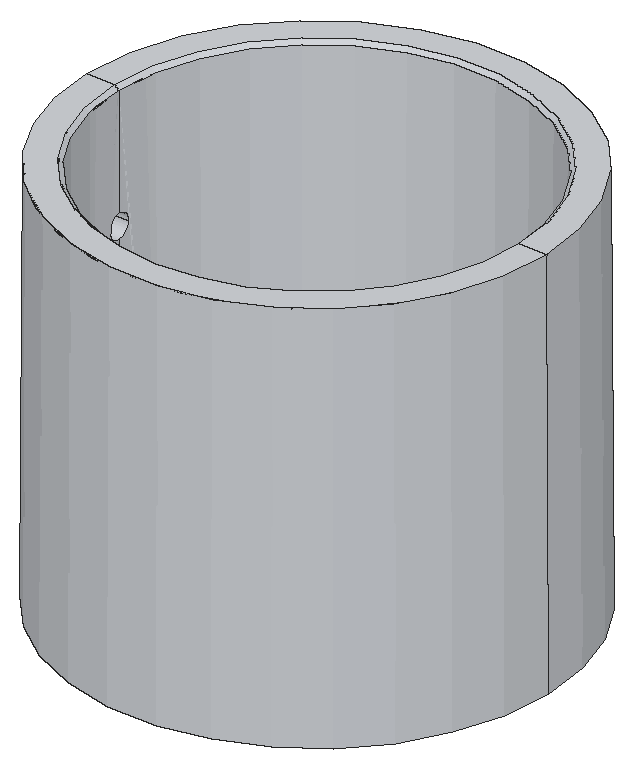
Revit family "Кольцо 1000х990 без замка КС 10.10", category Обобщенные модели, Revit 2023
Family settings
  Может служить основой для арматурных стержней = Нет
  Размер круглого соединителя = Использовать диаметр
  Тип детали = Нормальный
  На основе рабочей плоскости = Нет
  Всегда вертикально = Да
  При загрузке вырезать с полостями = Нет
  Сохранять ориентацию аннотаций = Нет
  Общий = Нет
  Точка принадлежности помещению = Нет
Parameters (values of type "Кольцо 1000х990 без замка КС 10.10")
  фаска = 10 mm
  толщ_на_h2_расч = (t1 - t2) / 2 * (h1 + h2) / ADSK_Размер_Высота + 10 mm  # 13.409 mm
  толщ_на_h1_расч = (t1 - t2) / 2 * h1 / ADSK_Размер_Высота + 10 mm  # 11.869 mm
  сужение_низ = 5 mm
  вырез2 = yes
  вырез1 = yes
  Отметка по умолчанию = 0 mm
  t2 = 80 mm
  t1 = 90 mm
  h2 = 305 mm
  h1 = 370 mm
  ADSK_Размер_Диаметр = 1000 mm
  ADSK_Размер_Высота = 990 mm
  ADSK_Масса = 702
Reference planes
  plane 1 "По центру (Вперед/Назад)": y = 0
  plane 2: z = 0
  plane 3 "По центру (Влево/Вправо)": x = 0
  plane 4: x = 500
  plane 5: x = -500
  plane 6: y = 500
  plane 7: y = -500
  plane 8: z = 990
  plane 9: x = -585
  plane 10: x = 585
  plane 11: y = 585
  plane 12: y = -585
  plane 13: y = 580
  plane 14: y = -580
  plane 15: x = -580
  plane 16: x = 580
  plane 17: z = 370
  plane 18: z = 675
  plane 19: y = 495
  plane 20: y = -495
  plane 21: x = -495
  plane 22: x = 495
  plane 23: x = -571.591
  plane 24: x = -573.131
  plane 25: x = 571.591
  plane 26: x = 573.131
  plane 27: x = -510
  plane 28: z = 980
Forms (mm)
  Extrusion 1, void, detail levels medium+fine
    sketch origin (0, 0, 0) x (0, -1, 0) y (0, 0, 1)
      loop
        circle (0, 675) r 30
    from -571.591 to 571.591
  Extrusion 2, void, detail levels medium+fine
    sketch origin (0, 0, 0) x (0, -1, 0) y (0, 0, 1)
      loop
        circle (0, 370) r 30
    from -573.131 to 573.131
  Revolve 3, solid
    sketch origin (0, 0, 0) x (1, 0, 0) y (0, 0, 1)
      loop
        line (-585, 0) -> (-495, 0) -> (-500, 980) -> (-510, 990) -> (-580, 990) -> (-585, 0)
      axis (0, 990) -> (0, 0)
    angle from 0 to 360
Cuts and joins
  Extrusion 1, Extrusion 2 cuts Revolve 3
Dimensions and locks
  equal spacing: plane 5, plane 3 "По центру (Влево/Вправо)", plane 4
  equal spacing: plane 7, plane 1 "По центру (Вперед/Назад)", plane 6
  "ADSK_Размер_Диаметр": plane 5 to plane 4
  "ADSK_Размер_Диаметр": plane 7 to plane 6
  "t1": plane 9 to plane 21
  "t1": plane 22 to plane 10
  "t2": plane 6 to plane 13
  "t2": plane 14 to plane 7
  "t2": plane 15 to plane 5
  "t2": plane 4 to plane 16
  "h1": plane 17 to level
  "h2": plane 18 to plane 17
  "ADSK_Размер_Высота": plane 8 to level
  "сужение_низ": plane 5 to plane 21
  "сужение_низ": plane 22 to plane 4
  "сужение_низ": plane 19 to plane 6
  "сужение_низ": plane 7 to plane 20
  "t1": plane 12 to plane 20
  "t1": plane 19 to plane 11
  "толщ_на_h2_расч": plane 23 to plane 9
  "толщ_на_h1_расч": plane 24 to plane 9
  "толщ_на_h2_расч": plane 10 to plane 25
  "толщ_на_h1_расч": plane 10 to plane 26
  "фаска": plane 8 to plane 28
  "фаска": plane 5 to plane 27
  aligned and locked: level to plane 2
  aligned and locked: Extrusion 1 to plane 23
  aligned and locked: Extrusion 2 to plane 24
  aligned and locked: plane 25 to Extrusion 1
  aligned and locked: plane 26 to Extrusion 2
Automatic sketch dimensions
  Extrusion 1 sketch curve to plane 1 "По центру (Вперед/Назад)" = 0 mm
  Extrusion 1 sketch curve to plane 18 = 0 mm
  Extrusion 2 sketch curve to plane 1 "По центру (Вперед/Назад)" = 0 mm
  Extrusion 2 sketch curve to plane 17 = 0 mm
  Revolve 3 sketch curve to level = 0 mm
  Revolve 3 sketch curve to plane 9 = 0 mm
  Revolve 3 sketch curve to plane 8 = 0 mm
  Revolve 3 sketch curve to plane 15 = 0 mm
  Revolve 3 sketch curve to plane 27 = 0 mm
  Revolve 3 sketch curve to plane 5 = 0 mm
  Revolve 3 sketch curve to plane 21 = 0 mm
  Revolve 3 sketch curve to plane 28 = 0 mm
  radius of Extrusion 1 sketch curve = 30 mm
  radius of Extrusion 2 sketch curve = 30 mm
